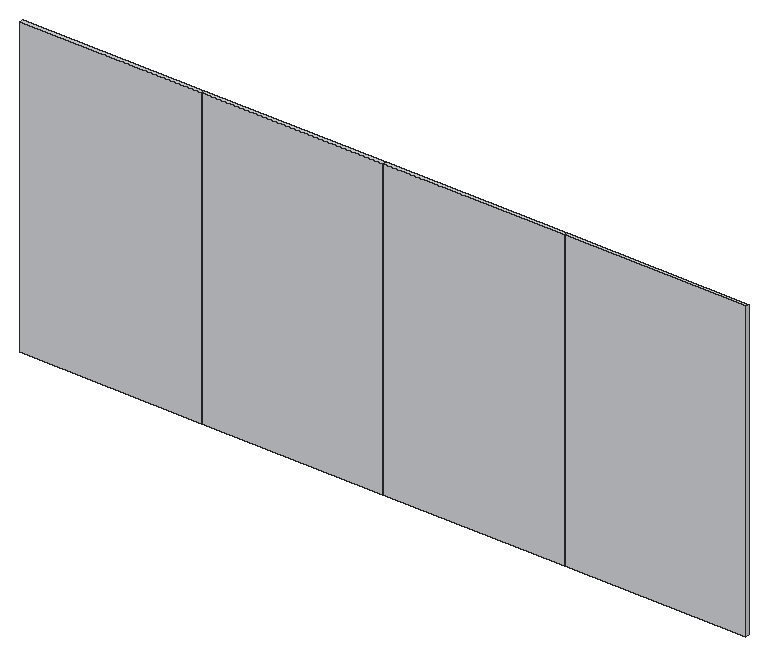
Revit family "Fence array", category Generic Models, Revit 2021
Family settings
  Can host rebar = No
  Round Connector Dimension = Use Diameter
  Part Type = Normal
  Work Plane-Based = No
  Always vertical = Yes
  Cut with Voids When Loaded = No
  Shared = No
  Room Calculation Point = No
Parameters (values of type "Fencing array")
  Panel height = 1030.342 mm
  Panel elevation = 50 mm
  Material = none
  Fencing width [instance] = 2400 mm
  Default Elevation = 0 mm
  Arrayed panel width [instance] = Fencing width / Array count override  # 600 mm
  Array count override [instance] = if(Array count < 2, 2, Array count)  # 4
  Array count [instance] = 4
  2 or more Panels [instance] = Array count > 1  # yes
  1 Panel [instance] = Array count < 2  # no
Reference planes
  plane 1 "Center (Front/Back)": y = 0
  plane 2: z = 0
  plane 3 "Left": x = 0
  plane 4 "Right": x = 2400
  plane 5 "Center L/S": x = 600
Dimensions and locks
  "Fencing width": plane 3 "Left" to plane 4 "Right"
  equal spacing: group 1, group 2, group 3, group 4  (x3)
  "Arrayed panel width": plane 3 "Left" to plane 5 "Center L/S"
  aligned and locked: level to plane 2
  aligned and locked: plane 3 "Left" to nested 1
  aligned and locked: nested 1 to plane 4 "Right"
  aligned and locked: plane 1 "Center (Front/Back)" to nested 1
  aligned and locked: plane 3 "Left" to nested 2
  aligned and locked: plane 5 "Center L/S" to nested 3
  aligned and locked: plane 1 "Center (Front/Back)" to nested 2
  aligned and locked: plane 1 "Center (Front/Back)" to nested 3
Nested families
  nested 1: "Fence panel" at (0, 0, 0), visible <- "1 Panel", type "Fence panel"
    with Panel width 2400 mm
  nested 2: "Fence panel" at (0, 0, 0), visible <- "2 or more Panels", Panel width <- "Arrayed panel width", type "Fence panel"
    with Panel width 600 mm
  nested 3: "Fence panel" at (600, 0, 0), visible <- "2 or more Panels", Panel width <- "Arrayed panel width", type "Fence panel"
    with Panel width 600 mm
  nested 4: "Fence panel" at (1200, 0, 0), visible <- "2 or more Panels", Panel width <- "Arrayed panel width", type "Fence panel"
    with Panel width 600 mm
  nested 5: "Fence panel" at (1800, 0, 0), visible <- "2 or more Panels", Panel width <- "Arrayed panel width", type "Fence panel"
    with Panel width 600 mm
Definition of nested family "Fence panel"
  Parameters
    Panel width [instance] = 734.548 mm
    Panel height = 1030.342 mm
    Panel elevation = 50 mm
    Fence panel = none
    Default Elevation = 0 mm
  Reference planes
    plane 1 "Center (Front/Back)": y = 0
    plane 2: z = 0
    plane 3 "Left": x = 0
    plane 4 "Right": x = 734.548
    plane 5 "Top": z = 1030.342
    plane 6 "Center L/S": z = 50
  Forms (mm)
    Extrusion 1, solid, material <- "Fence panel"
      sketch origin (0, 0, 0) x (1, 0, 0) y (0, 0, 1)
        loop
          line (0, 1030.342) -> (0, 50) -> (734.548, 50) -> (734.548, 1030.342) -> (0, 1030.342)
      from -5 to 5
  Dimensions and locks
    "Panel width": plane 3 "Left" to plane 4 "Right"
    "Panel height": plane 5 "Top" to level
    "Panel elevation": plane 6 "Center L/S" to plane 2
    aligned and locked: level to plane 2
    aligned and locked: plane 6 "Center L/S" to Extrusion 1 sketch curve
    aligned and locked: plane 3 "Left" to Extrusion 1 sketch curve
    aligned and locked: plane 4 "Right" to Extrusion 1 sketch curve
    aligned and locked: Extrusion 1 sketch curve to plane 5 "Top"
